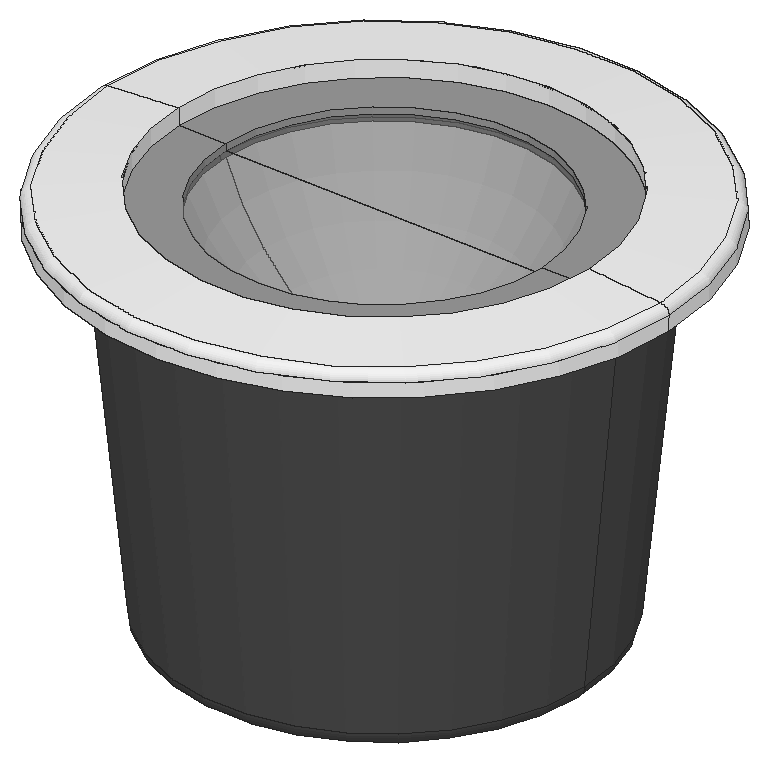
Revit family "3097176 Lighting Fixture_Sylvania_Insaver LED 75 - Round - White Bezel_Ceiling Recessed", category Lighting Fixtures, host Face, Revit 2017
Family settings
  Host = Face
  Round Connector Dimension = Use Diameter
  Part Type = Normal
  OmniClass Number = 23.80.70.11.17
  OmniClass Title = Specialized Lighting by Location or Use
  Cut with Voids When Loaded = No
  Light Source = Yes
  Shared = No
  Room Calculation Point = No
Parameters (values of type "Insaver 75 LED RS 16W WW EB WH")
  Weight = 0.4 kg  # constant formula
  Wattage = 24.0909 W
  built-in parameter 1150110 = 1 (stored number, unit not read)
  Voltage Comments = "UNV (Universal Voltage; 230/240 Volt)"  # constant formula
  Voltage = 230 V  # constant formula
  URL = "http://www.sylvania-lighting.com"
  Transformator Marerial = Metallic Paint_Sylvania_Insaver LED 75_Black_RAL 9005
  built-in parameter 1114217 = 1 (stored number, unit not read)
  Tilt Angle = -90°
  built-in parameter 1150109 = 1 (stored number, unit not read)
  built-in parameter 1150134 = (empty or 0)
  T Class Min = -1 °C
  T Class Max = -1 °C
  built-in parameter 1150113 = 1 (stored number, unit not read)
  Radius = 45.0 mm  # constant formula
  Product Page URL = "http://www.sylvania-lighting.com/product/en-int/products/3097176"
  Product Family = "Insaver LED 75 - Round - White Bezel"  # constant formula
  Photometry Comments = ""
  Photometric Web File = "3097176_InsaverLED7513WWWSTD-98563.ies"
  Life = "50 000 h"  # constant formula
  IP Rating = "IP65"  # constant formula
  Emit from Circle Diameter = Diameter - 40.0 mm  # 50.0 mm
  Electrical Protection = "Class II"  # constant formula
  Drive Current = "350 mA"  # constant formula
  Diameter = Radius * 2  # 90.0 mm
  Cutout Diameter = 75.0 mm  # constant formula
  CRI ( Ra ) = 85  # constant formula
  Beam Angle = 55°  # constant formula
  Accesory Material = Metallic Paint_Sylvania_Insaver LED 75_White_RAL 9016
  Height = 65.0 mm  # constant formula
  built-in parameter 1114216 [instance] = 1 (stored number, unit not read)
  Model = "Insaver 75 LED RS 16W WW EB WH"
  Manufacturer = "Feilo Sylvania"
  built-in parameter 1150105 = 84.352 (stored number, unit not read)
  Lumens = 1060 lm
  built-in parameter 1150115 = 1 (stored number, unit not read)
  built-in parameter 1150137 = (empty or 0)
  built-in parameter 1150139 = (empty or 0)
  built-in parameter 1150112 = 1 (stored number, unit not read)
  built-in parameter 1150114 = 1 (stored number, unit not read)
  Lamp Comments = "Integrated LED"  # constant formula
  Lamp = "16W High Brightnes LED array"
  built-in parameter 1150132 = 2
  built-in parameter 1150102 = (empty or 0)
  built-in parameter 1150107 = 3000 (stored number, unit not read)
  built-in parameter 1150138 = (empty or 0)
  built-in parameter 1150106 = 0.84352 (stored number, unit not read)
  Reflector Material = Aluminium_Sylvania_Insaver LED 75_Silver
  Emit Shape Visible in Rendering = no
  built-in parameter 1150104 = 4.0877 (stored number, unit not read)
  Dimming Lamp Color Temperature Shift = <None>
  Description = "Innovative square or round design using array chip technology High colour\r\nrendering index CRI Thermal management ensures service life up to 50.000\r\nhrs Low power consumption - 16W"  # constant formula
  Default Elevation = 0.0 mm
  Color Filter = 16777215
  Catalog Number = "3097176 Insaver 75 LED RS 16W WW EB WH"
  built-in parameter 1140040 [instance] = (empty or 0)
  built-in parameter 1114218 = 1 (stored number, unit not read)
  built-in parameter 1150133 = 10 (stored number, unit not read)
  Assembly Code = "D5020200"
  Apparent Load Comments = ""
  Apparent Load = 16 VA
Reference planes
  plane 1 "Center (Front/Back)": y = 0
  plane 2: z = 0
  plane 3 "Center (Left/Right)": x = 0
  plane 4: z = 0
  plane 5 "Fixture Bottom": z = 4.5
  plane 6 "Fixture Top": z = -65
  plane 7: z = 2
Forms (mm)
  Extrusion 1, void
    sketch origin (0, 0, 59) x (-1, 0, 0) y (0, -1, 0)
      loop
        circle (0, 0) r 37.5
    from -309 to 86
  Revolve 2, solid, material "Metallic Paint_Sylvania_Insaver LED 75_Black_RAL 9005" <- "Transformator Marerial", detail levels fine
    sketch origin (0, 0, 0) x (1, 0, 0) y (0, 0, 1)
      loop
        arc (26.104, 0) -> (19.919, -11.419) -> (10.298, -20.14) r 38.6
        line (10.298, -20.14) -> (0, -20.14) -> (0, -65)
        arc (0, -65) -> (15.667, -62.963) -> (30.31, -57.032) r 62
        arc (30.31, -57.032) -> (31.261, -56.188) -> (31.777, -55.026) r 3
        arc (31.777, -55.026) -> (35.691, -29.638) -> (37, -3.983) r 252
        line (37, -3.983) -> (37, 0) -> (26.104, 0)
      axis (0, -65) -> (0, 0)
    angle from 0 to 360
  Revolve 3, solid, material "Metallic Paint_Sylvania_Insaver LED 75_White_RAL 9016" <- "Accesory Material", detail levels fine
    sketch origin (0, 0, 27.453) x (1, 0, 0) y (0, 0, 1)
      loop
        line (45, -27.453) -> (45, -25.318)
        arc (45, -25.318) -> (44.613, -24.317) -> (43.654, -23.837) r 1.488
        line (43.654, -23.837) -> (32.5, -22.953) -> (32.5, -27.453) -> (45, -27.453)
      axis (0, -27.453) -> (0, -22.953)
    angle from 0 to 360
  Revolve 4, solid, material "Aluminium_Sylvania_Insaver LED 75_Silver" <- "Reflector Material", detail levels fine
    sketch origin (0, 0, 42.453) x (1, 0, 0) y (0, 0, 1)
      loop
        line (32.5, -42.453) -> (32.5, -40.453) -> (25, -40.453) -> (25, -41.453) -> (0, -41.453) -> (0, -42.453) -> (25.043, -42.453)
        arc (25.043, -42.453) -> (19.112, -53.273) -> (10, -61.593) r 37.622
        line (10, -61.593) -> (0, -61.593) -> (0, -62.593) -> (10.298, -62.593)
        arc (10.298, -62.593) -> (19.918, -53.871) -> (26.104, -42.453) r 38.624
        line (26.104, -42.453) -> (32.5, -42.453)
      axis (0, -62.593) -> (0, -40.453)
    angle from 0 to 360
  Revolve 5, solid, material "Metallic Paint_Sylvania_Insaver LED 75_White_RAL 9016" <- "Accesory Material", detail levels coarse+medium
    sketch origin (0, 0, 60) x (1, 0, 0) y (0, 0, 1)
      loop
        line (0, -55.5) -> (0, -125)
        arc (0, -125) -> (15.667, -122.963) -> (30.31, -117.032) r 62
        arc (30.31, -117.032) -> (31.261, -116.188) -> (31.777, -115.026) r 3
        arc (31.777, -115.026) -> (35.691, -89.638) -> (37, -63.983) r 252
        line (37, -63.983) -> (37, -60) -> (45, -60) -> (45, -55.5) -> (0, -55.5)
      axis (0, -125) -> (0, -55.5)
    angle from 0 to 360
Dimensions and locks
  "Height": host face to plane 6 "Fixture Top"
  "Radius": Revolve 3 sketch curve to imposter light
  locked: plane 5 "Fixture Bottom" to level at 4.5
  locked: plane 5 "Fixture Bottom" to plane 7 at 2.5
  locked: Revolve 3 sketch curve to Revolve 3 sketch curve at 12.5
  locked: Revolve 4 sketch curve to host face at 1
  "Radius": Revolve 5 sketch curve to Revolve 5 sketch curve
  locked: Revolve 5 sketch curve to Revolve 5 sketch curve at 37
  locked: Revolve 2 sketch curve to Revolve 2 sketch curve at 37
  "Cutout Diameter": diameter of Extrusion 1 sketch curve
  aligned and locked: plane 2 to host face
  aligned and locked: level to host face
  aligned and locked: plane 1 "Center (Front/Back)" to imposter light
  aligned and locked: level to Revolve 3 sketch curve
  aligned and locked: imposter light to Revolve 3 sketch curve
  aligned and locked: Revolve 2 sketch curve to level
  aligned and locked: level to Revolve 4 sketch curve  (x2)
  aligned and locked: plane 7 to Revolve 4 sketch curve
  aligned and locked: plane 6 "Fixture Top" to Revolve 5 sketch curve
  aligned and locked: plane 5 "Fixture Bottom" to Revolve 5 sketch curve
  aligned and locked: Revolve 5 sketch curve to Revolve 5 sketch curve
  aligned and locked: plane 6 "Fixture Top" to Revolve 2 sketch curve
  aligned and locked: plane 5 "Fixture Bottom" to imposter light
Automatic sketch dimensions
  host sketch curve to host sketch curve = 1305.563 mm
  host sketch curve to host sketch curve = 1283.632 mm
  Revolve 4 sketch curve to Revolve 4 sketch curve = 0.0 mm  (x2)
  Revolve 4 sketch curve to plane 3 "Center (Left/Right)" = 0.0 mm  (x3)
  Revolve 4 sketch curve to level = 20.14 mm
  Revolve 4 sketch curve to Revolve 4 sketch curve = 10.0 mm
  Revolve 4 sketch curve to Revolve 4 sketch curve = 0.298 mm
  plane 3 "Center (Left/Right)" to Revolve 4 sketch curve = 25.0 mm
  Revolve 4 sketch curve to Revolve 4 sketch curve = 0.043 mm
  Revolve 4 sketch curve to Revolve 4 sketch curve = 1.06 mm
  Revolve 4 sketch curve to Revolve 4 sketch curve = 6.396 mm
  plane 5 "Fixture Bottom" to Revolve 4 sketch curve = 7.927 mm
  Revolve 4 sketch curve to plane 6 "Fixture Top" = 195.546 mm
  Revolve 4 sketch curve to Revolve 4 sketch curve = 337.219 mm
  Revolve 2 sketch curve to plane 3 "Center (Left/Right)" = 0.0 mm  (x2)
  Revolve 2 sketch curve to level = 20.14 mm
  plane 3 "Center (Left/Right)" to Revolve 2 sketch curve = 10.298 mm
  Revolve 2 sketch curve to Revolve 2 sketch curve = 10.896 mm
  plane 5 "Fixture Bottom" to Revolve 2 sketch curve = 7.911 mm
  Revolve 2 sketch curve to plane 6 "Fixture Top" = 237.999 mm
  Revolve 2 sketch curve to Revolve 2 sketch curve = 294.19 mm
  Revolve 2 sketch curve to level = 3.983 mm
  Revolve 2 sketch curve to plane 3 "Center (Left/Right)" = 0.096 mm
  plane 6 "Fixture Top" to Revolve 2 sketch curve = 10.582 mm
  plane 3 "Center (Left/Right)" to Revolve 2 sketch curve = 28.839 mm
  Revolve 2 sketch curve to Revolve 2 sketch curve = 1.471 mm
  Revolve 2 sketch curve to Revolve 2 sketch curve = 0.0 mm  (x2)
  plane 1 "Center (Front/Back)" to Extrusion 1 sketch curve = 0.0 mm
  Extrusion 1 sketch curve to plane 3 "Center (Left/Right)" = 0.0 mm
  Revolve 3 sketch curve to plane 3 "Center (Left/Right)" = 0.0 mm
  plane 7 to Revolve 3 sketch curve = 0.135 mm
  Revolve 3 sketch curve to Revolve 3 sketch curve = 1.488 mm
  Revolve 3 sketch curve to plane 5 "Fixture Bottom" = 0.884 mm
  Revolve 3 sketch curve to plane 6 "Fixture Top" = 210.546 mm
  plane 5 "Fixture Bottom" to Revolve 3 sketch curve = 329.554 mm
  Revolve 5 sketch curve to plane 3 "Center (Left/Right)" = 0.0 mm
  Revolve 5 sketch curve to level = 0.0 mm
  Revolve 5 sketch curve to plane 3 "Center (Left/Right)" = 0.096 mm
  Revolve 5 sketch curve to level = 3.983 mm
  Revolve 5 sketch curve to Revolve 5 sketch curve = 214.904 mm
  plane 6 "Fixture Top" to Revolve 5 sketch curve = 10.582 mm
  plane 3 "Center (Left/Right)" to Revolve 5 sketch curve = 28.839 mm
  Revolve 5 sketch curve to level = 3.0 mm
  Revolve 5 sketch curve to Revolve 5 sketch curve = 0.0 mm
  Revolve 5 sketch curve to plane 6 "Fixture Top" = 177.999 mm
  Revolve 5 sketch curve to Revolve 5 sketch curve = 362.101 mm
Connectors
  electrical at (0, 0, -65), driven by "Voltage", driven by "Apparent Load"
    settings: index 1, voltage 230 V, apparent load 0 VA, apparent load phase1 16 VA, apparent load phase2 0 VA, apparent load phase3 0 VA, power factor 1, load classification "Lighting", number of poles 1, system type 31, power factor state 1, is connector primary yes, connector utility no, sub classification motor no, connector description ""
